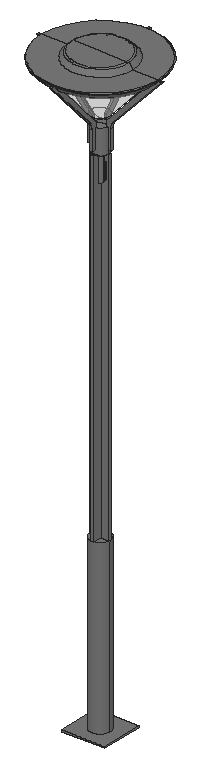
Revit family "Thorn AVENUE F2 LED", category Lighting Fixtures, Revit 2016
Family settings
  Part Type = Normal
  Round Connector Dimension = Use Diameter
  OmniClass Number = 23.80.70.11
  OmniClass Title = Luminaries for Internal Lighting
  Work Plane-Based = No
  Always vertical = Yes
  Cut with Voids When Loaded = No
  Light Source = Yes
  Shared = No
  Room Calculation Point = No
Parameters (values of type "AVN F2 LED")
  Width = 700.00 mm  # constant formula
  Wattage = 15.6993 W
  built-in parameter 1150110 = 1 (stored number, unit not read)
  Voltage = 230 V
  URL = "www.thornlighting.com/96260128"
  Type Comments = "© Thorn. We reserve the right to make technical changes without prior notice."  # constant formula
  built-in parameter 1114217 = 1 (stored number, unit not read)
  Tilt Angle = -90.00°
  built-in parameter 1150109 = 1 (stored number, unit not read)
  built-in parameter 1150134 = 12
  built-in parameter 1150113 = 1 (stored number, unit not read)
  Rod Height [instance] = 3000.00 mm
  Photometric Web File = "96260128_(STD).IES"
  Model = "96260128"
  Manufacturer = "Thorn Lighting"  # constant formula
  built-in parameter 1150105 = 633.37 (stored number, unit not read)
  Lumens = 2332 lm
  built-in parameter 1150115 = 1 (stored number, unit not read)
  built-in parameter 1150137 = (empty or 0)
  built-in parameter 1150139 = (empty or 0)
  Length = 700.00 mm  # constant formula
  built-in parameter 1150112 = 1 (stored number, unit not read)
  built-in parameter 1150114 = 1 (stored number, unit not read)
  Lamp = "LED"
  built-in parameter 1150132 = 2
  built-in parameter 1150102 = (empty or 0)
  built-in parameter 1150107 = 4000 (stored number, unit not read)
  built-in parameter 1150138 = (empty or 0)
  built-in parameter 1150106 = 6.3337 (stored number, unit not read)
  Height = 500.00 mm  # constant formula
  Emit from Circle Diameter = 201.00 mm  # constant formula
  Emit Shape Visible in Rendering = no
  built-in parameter 1150104 = 13.8 (stored number, unit not read)
  Dimming Lamp Color Temperature Shift = <None>
  Description = "Outdoor luminaire"
  Cover = Thorn_Glass_Self_llumination_Transparent
  Color Filter = 16777215
  Body = Thorn_Metal_Dark_Grey
  built-in parameter 1114218 = 1 (stored number, unit not read)
  built-in parameter 1150133 = 10 (stored number, unit not read)
  Assembly Code = "D5020210"
  Apparent Load = 21 VA
Reference planes
  plane 1: z = 0
  plane 2 "Center (Front/Back)": y = -155
  plane 3 "Center (Left/Right)": x = -200
  plane 4: z = 1000
  plane 5 "Top Rod": z = 2948.465
  plane 6: z = 2850
  plane 7: z = 3000
  plane 8: z = 3516.94
  plane 9: z = 3486.1
  plane 10: z = 3447.6
  plane 11: z = 3444.068
  plane 12: z = 3143.662
  plane 13 "Light Source": z = 3364.33
Forms (mm)
  Extrusion 1, solid, material "Thorn_Metal_Dark_Grey" <- "Body"
    sketch origin (0, 0, 0) x (1, 0, 0) y (0, 1, 0)
      loop
        line (-323.5, -278.5) -> (-76.5, -278.5) -> (-76.5, -31.5) -> (-323.5, -31.5) -> (-323.5, -278.5)
    from 0 to 10
  Extrusion 2, solid, material "Thorn_Metal_Dark_Grey" <- "Body"
    sketch origin (0, 0, 0) x (1, 0, 0) y (0, 1, 0)
      loop
        circle (-200, -155) r 57
    from 1000 to 10
  Extrusion 3, solid, material "Thorn_Metal_Dark_Grey" <- "Body"
    sketch origin (0, 0, 0) x (1, 0, 0) y (0, 1, 0)
      loop
        line (-207, -98.431) -> (-207, -148) -> (-256.569, -148) -> (-256.569, -162) -> (-207, -162) -> (-207, -211.569) -> (-193, -211.569) -> (-193, -162) -> (-143.431, -162) -> (-143.431, -148) -> (-193, -148) -> (-193, -98.431) -> (-207, -98.431)
    from 3000 to 1000
  Extrusion 4, solid, material "Thorn_Metal_Dark_Grey" <- "Body"
    sketch origin (0, 0, 0) x (1, 0, 0) y (0, 1, 0)
      loop
        circle (-200, -155) r 28.5
    from 2850 to 3000
  Revolve 5, solid, material "Thorn_Metal_Dark_Grey" <- "Body"
    sketch origin (0, -155, 0) x (-1, 0, 0) y (0, 0, 1)
      loop
        line (227.627, 2850) -> (227.627, 3000) -> (246.514, 3000) -> (247.507, 3000.993) -> (247.507, 3140.515)
        arc (247.507, 3140.515) -> (223.806, 3142.874) -> (200, 3143.662) r 360.182
        line (200, 3143.662) -> (200, 2850) -> (227.627, 2850)
      axis (200, 2850) -> (200, 3143.662)
    angle from 0 to 360
  Extrusion 6, solid, material "Thorn_Metal_Dark_Grey" <- "Body"
    sketch origin (0, -155, 0) x (-1, 0, 0) y (0, 0, -1)
      loop
        line (559.325, -3480.2) -> (279.636, -3174.973)
        arc (279.636, -3174.973) -> (269.9, -3159.316) -> (266.5, -3141.194) r 50
        line (266.5, -3141.194) -> (266.5, -3025.2) -> (240.5, -3025.2) -> (240.5, -3170.749) -> (490.2, -3443.248) -> (510.727, -3446.367) -> (541.112, -3480.2) -> (559.325, -3480.2)
      loop
        line (-159.325, -3480.2) -> (-141.112, -3480.2) -> (-110.727, -3446.367) -> (-90.2, -3443.248) -> (159.5, -3170.749) -> (159.5, -3025.2) -> (133.5, -3025.2) -> (133.5, -3141.194)
        arc (133.5, -3141.194) -> (130.1, -3159.316) -> (120.364, -3174.973) r 50
        line (120.364, -3174.973) -> (-159.325, -3480.2)
    from -7 to 7
  Extrusion 7, solid, material "Thorn_Metal_Dark_Grey" <- "Body"
    sketch origin (-200, 0, 0) x (0, -1, 0) y (0, 0, -1)
      loop
        line (-204.325, -3480.2) -> (-186.112, -3480.2) -> (-155.727, -3446.367) -> (-135.2, -3443.248) -> (114.5, -3170.749) -> (114.5, -3025.2) -> (88.5, -3025.2) -> (88.5, -3141.194)
        arc (88.5, -3141.194) -> (85.1, -3159.316) -> (75.364, -3174.973) r 50
        line (75.364, -3174.973) -> (-204.325, -3480.2)
      loop
        line (514.325, -3480.2) -> (234.636, -3174.973)
        arc (234.636, -3174.973) -> (224.9, -3159.316) -> (221.5, -3141.194) r 50
        line (221.5, -3141.194) -> (221.5, -3025.2) -> (195.5, -3025.2) -> (195.5, -3170.749) -> (445.2, -3443.248) -> (465.727, -3446.367) -> (496.112, -3480.2) -> (514.325, -3480.2)
    from -7 to 7
  Revolve 8, solid, material "Thorn_Metal_Dark_Grey" <- "Body"
    sketch origin (0, -155, 0) x (-1, 0, 0) y (0, 0, 1)
      loop
        line (200, 3516.94) -> (200, 3364.33) -> (300.643, 3364.33) -> (312.75, 3430.6) -> (359.992, 3430.6) -> (381.387, 3446.6) -> (507.495, 3446.6) -> (507.495, 3447.6) -> (511.834, 3447.6) -> (539.661, 3478.585) -> (540.818, 3481.6) -> (536.32, 3486.1) -> (389.681, 3486.1) -> (365.148, 3512.885) -> (355.901, 3516.94) -> (200, 3516.94)
      axis (200, 3516.94) -> (200, 3364.33)
    angle from 0 to 360
  Revolve 9, solid, material "Thorn_Glass_Self_llumination_Transparent" <- "Cover"
    sketch origin (0, -155, 0) x (-1, 0, 0) y (0, 0, 1)
      loop
        line (477.913, 3446.6) -> (200, 3446.6) -> (200, 3170.527)
        arc (200, 3170.527) -> (228.449, 3176.358) -> (252.083, 3193.234) r 70
        line (252.083, 3193.234) -> (472.433, 3433.704) -> (473.292, 3435.07) -> (477.913, 3446.6)
      axis (200, 3446.6) -> (200, 3170.527)
    angle from 0 to 360
Cuts and joins
  joined: Extrusion 3, Extrusion 4
  joined: Revolve 5, Extrusion 6, Extrusion 7
Dimensions and locks
  "Rod Height": plane 7 to plane 1
  locked: plane 5 "Top Rod" to plane 6 at 98.465
  plane 8 to plane 9 to plane 10 to plane 11 to plane 12 to plane 7 to plane 6 = 30.84 mm locked, 38.50 mm locked, 3.532 mm locked, 300.406 mm locked, 143.662 mm locked, 150.00 mm locked
  locked: plane 13 "Light Source" to plane 7 at 364.33
  aligned: imposter light to plane 2 "Center (Front/Back)"
  aligned: imposter light to plane 3 "Center (Left/Right)"
  aligned and locked: Extrusion 3 to plane 4
  aligned and locked: plane 7 to Extrusion 4
  aligned and locked: Extrusion 4 to plane 6
  aligned and locked: Revolve 5 sketch curve to plane 6
  aligned and locked: Revolve 5 sketch curve to plane 7
  aligned and locked: plane 7 to cut or joined group of Extrusion 3, Extrusion 4
  aligned and locked: imposter light to plane 13 "Light Source"
  aligned and locked: imposter light to plane 3 "Center (Left/Right)"
  aligned and locked: plane 2 "Center (Front/Back)" to imposter light
Automatic sketch dimensions
  Extrusion 1 sketch curve to plane 3 "Center (Left/Right)" = 123.50 mm
  plane 3 "Center (Left/Right)" to Extrusion 1 sketch curve = 123.50 mm
  plane 2 "Center (Front/Back)" to Extrusion 1 sketch curve = 123.50 mm
  Extrusion 1 sketch curve to plane 2 "Center (Front/Back)" = 123.50 mm
  plane 2 "Center (Front/Back)" to Extrusion 2 sketch curve = 0.00 mm
  Extrusion 2 sketch curve to plane 3 "Center (Left/Right)" = 0.00 mm
  plane 2 "Center (Front/Back)" to Extrusion 3 sketch curve = 7.00 mm  (x2)
  Extrusion 3 sketch curve to plane 3 "Center (Left/Right)" = 56.569 mm
  Extrusion 3 sketch curve to plane 3 "Center (Left/Right)" = 7.00 mm  (x2)
  plane 3 "Center (Left/Right)" to Extrusion 3 sketch curve = 7.00 mm  (x2)
  Extrusion 3 sketch curve to Extrusion 3 sketch curve = 49.569 mm  (x3)
  Extrusion 3 sketch curve to plane 2 "Center (Front/Back)" = 7.00 mm  (x2)
  plane 2 "Center (Front/Back)" to Extrusion 4 sketch curve = 0.00 mm
  Extrusion 4 sketch curve to plane 3 "Center (Left/Right)" = 0.00 mm
  Revolve 5 sketch curve to plane 3 "Center (Left/Right)" = 0.00 mm  (x2)
  Revolve 5 sketch curve to plane 12 = 0.00 mm  (x2)
  Revolve 5 sketch curve to Revolve 5 sketch curve = 27.627 mm
  Revolve 5 sketch curve to Revolve 5 sketch curve = 18.887 mm
  Revolve 5 sketch curve to Revolve 5 sketch curve = 0.993 mm
  Revolve 5 sketch curve to Revolve 5 sketch curve = 66.52 mm
  Revolve 5 sketch curve to plane 7 = 0.993 mm
  Revolve 5 sketch curve to plane 12 = 40.00 mm
  plane 9 to Extrusion 6 sketch curve = 5.90 mm  (x2)
  Extrusion 6 sketch curve to plane 3 "Center (Left/Right)" = 359.325 mm
  Extrusion 6 sketch curve to Extrusion 6 sketch curve = 18.213 mm  (x2)
  plane 10 to Extrusion 6 sketch curve = 1.233 mm  (x2)
  Extrusion 6 sketch curve to Extrusion 6 sketch curve = 30.384 mm  (x2)
  plane 11 to Extrusion 6 sketch curve = 0.819 mm  (x2)
  Extrusion 6 sketch curve to Extrusion 6 sketch curve = 20.527 mm  (x2)
  plane 12 to Extrusion 6 sketch curve = 2.468 mm  (x2)
  Extrusion 6 sketch curve to plane 3 "Center (Left/Right)" = 116.50 mm
  Extrusion 6 sketch curve to plane 12 = 31.312 mm  (x2)
  Extrusion 6 sketch curve to Extrusion 6 sketch curve = 36.864 mm
  Extrusion 6 sketch curve to Extrusion 6 sketch curve = 26.00 mm  (x2)
  plane 3 "Center (Left/Right)" to Extrusion 6 sketch curve = 40.50 mm
  Extrusion 6 sketch curve to Extrusion 6 sketch curve = 13.136 mm
  plane 3 "Center (Left/Right)" to Extrusion 6 sketch curve = 290.20 mm
  Extrusion 6 sketch curve to plane 7 = 25.20 mm  (x2)
  Extrusion 6 sketch curve to plane 12 = 27.087 mm  (x2)
  plane 9 to Extrusion 7 sketch curve = 5.90 mm  (x2)
  plane 2 "Center (Front/Back)" to Extrusion 7 sketch curve = 359.325 mm
  Extrusion 7 sketch curve to Extrusion 7 sketch curve = 18.213 mm  (x2)
  plane 10 to Extrusion 7 sketch curve = 1.233 mm  (x2)
  Extrusion 7 sketch curve to Extrusion 7 sketch curve = 30.384 mm  (x2)
  plane 11 to Extrusion 7 sketch curve = 0.819 mm  (x2)
  Extrusion 7 sketch curve to Extrusion 7 sketch curve = 20.527 mm  (x2)
  plane 12 to Extrusion 7 sketch curve = 2.468 mm  (x2)
  plane 2 "Center (Front/Back)" to Extrusion 7 sketch curve = 116.50 mm
  Extrusion 7 sketch curve to plane 12 = 31.312 mm  (x2)
  Extrusion 7 sketch curve to Extrusion 7 sketch curve = 36.864 mm
  Extrusion 7 sketch curve to Extrusion 7 sketch curve = 26.00 mm  (x2)
  Extrusion 7 sketch curve to plane 2 "Center (Front/Back)" = 40.50 mm
  Extrusion 7 sketch curve to Extrusion 7 sketch curve = 13.136 mm
  Extrusion 7 sketch curve to plane 2 "Center (Front/Back)" = 290.20 mm
  Extrusion 7 sketch curve to plane 7 = 25.20 mm  (x2)
  Extrusion 7 sketch curve to plane 12 = 27.087 mm  (x2)
  Revolve 8 sketch curve to plane 3 "Center (Left/Right)" = 0.00 mm  (x2)
  Revolve 8 sketch curve to plane 8 = 0.00 mm
  Revolve 8 sketch curve to plane 9 = 0.00 mm
  Revolve 8 sketch curve to plane 10 = 0.00 mm
  Revolve 8 sketch curve to Revolve 8 sketch curve = 100.643 mm
  plane 11 to Revolve 8 sketch curve = 13.468 mm
  Revolve 8 sketch curve to Revolve 8 sketch curve = 12.107 mm
  Revolve 8 sketch curve to Revolve 8 sketch curve = 43.151 mm
  Revolve 8 sketch curve to Revolve 8 sketch curve = 47.242 mm
  plane 8 to Revolve 8 sketch curve = 4.055 mm
  Revolve 8 sketch curve to Revolve 8 sketch curve = 9.247 mm
  plane 10 to Revolve 8 sketch curve = 1.00 mm
  Revolve 8 sketch curve to Revolve 8 sketch curve = 21.395 mm
  Revolve 8 sketch curve to Revolve 8 sketch curve = 24.533 mm
  Revolve 8 sketch curve to Revolve 8 sketch curve = 117.813 mm
  Revolve 8 sketch curve to Revolve 8 sketch curve = 4.34 mm
  Revolve 8 sketch curve to Revolve 8 sketch curve = 24.486 mm
  plane 9 to Revolve 8 sketch curve = 7.515 mm
  Revolve 8 sketch curve to Revolve 8 sketch curve = 3.34 mm
  plane 9 to Revolve 8 sketch curve = 4.50 mm
  Revolve 8 sketch curve to Revolve 8 sketch curve = 1.157 mm
  plane 11 to Revolve 8 sketch curve = 79.738 mm
  Revolve 8 sketch curve to Revolve 8 sketch curve = 85.00 mm
  Revolve 8 sketch curve to Revolve 8 sketch curve = 130.00 mm
  Revolve 9 sketch curve to plane 3 "Center (Left/Right)" = 0.00 mm  (x2)
  plane 3 "Center (Left/Right)" to Revolve 9 sketch curve = 0.473 mm
  plane 3 "Center (Left/Right)" to Revolve 9 sketch curve = 52.083 mm
  plane 11 to Revolve 9 sketch curve = 10.363 mm
  plane 3 "Center (Left/Right)" to Revolve 9 sketch curve = 272.433 mm
  plane 11 to Revolve 9 sketch curve = 8.997 mm
  Revolve 9 sketch curve to Revolve 9 sketch curve = 0.859 mm
  plane 10 to Revolve 9 sketch curve = 1.00 mm
  Revolve 9 sketch curve to Revolve 9 sketch curve = 4.621 mm
  Revolve 9 sketch curve to plane 12 = 96.863 mm
  Revolve 9 sketch curve to plane 12 = 49.572 mm
  Revolve 9 sketch curve to plane 8 = 85.00 mm
  Revolve 9 sketch curve to Revolve 9 sketch curve = 130.00 mm
  radius of Extrusion 2 sketch curve = 57.00 mm
  radius of Extrusion 4 sketch curve = 28.50 mm
Connectors
  electrical at (-200, -155, 0), driven by "Voltage", driven by "Apparent Load"
    settings: on Extrusion 1, index 1, voltage 230 V, apparent load 21 VA, apparent load phase1 0 VA, apparent load phase2 0 VA, apparent load phase3 0 VA, power factor 1, load classification "Lighting", number of poles 1, system type 30, power factor state 1, is connector primary yes, connector utility no, sub classification motor no, connector description "Power"
